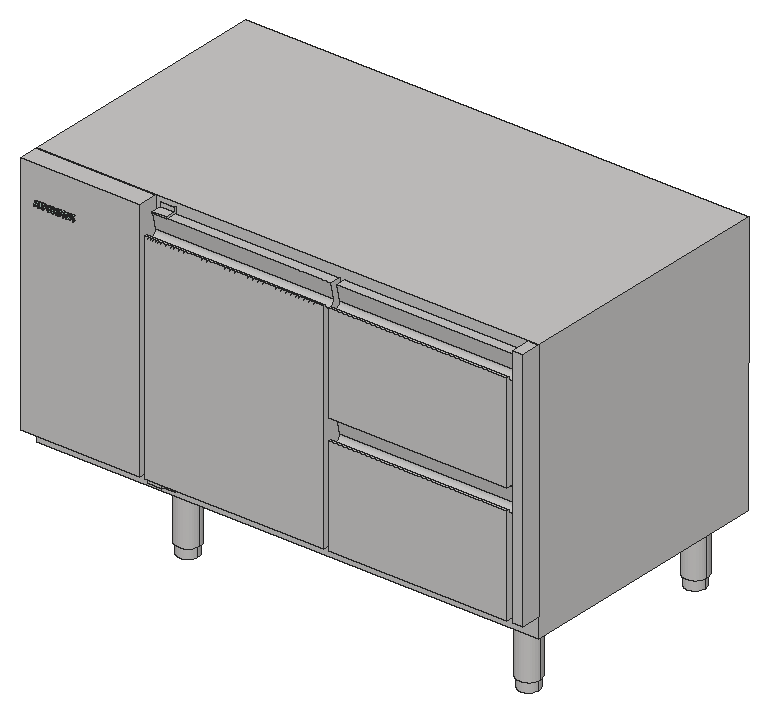
Revit family "QF_ALPENINOX_721101_AA2R7AB", category Attrezzature speciali, Revit 2018 (continued)
Definition of nested family "HP_APX_BI_TN_L"
  Lines and regions (mm)
    Split face 120
      outline origin (330, -951.3, 50) x (1, 0, 0) y (0, 1, 0)
        loop
          arc (-286.464, 649.474) -> (-282.464, 653.474) -> (-286.464, 657.474) r 4
          line (-286.464, 657.474) -> (-328.464, 657.474)
    Split face 121
      outline origin (110, -951.3, 50) x (1, 0, 0) y (0, 1, 0)
        loop
          arc (-218.464, 657.474) -> (-222.464, 653.474) -> (-218.464, 649.474) r 4
          line (-218.464, 649.474) -> (-176.464, 649.474)
          arc (-176.464, 649.474) -> (-172.464, 653.474) -> (-176.464, 657.474) r 4
          line (-176.464, 657.474) -> (-218.464, 657.474)
    Split face 122
      outline origin (220, -951.3, 50) x (1, 0, 0) y (0, 1, 0)
        loop
          arc (-273.464, 657.474) -> (-277.464, 653.474) -> (-273.464, 649.474) r 4
          line (-273.464, 649.474) -> (-231.464, 649.474)
          arc (-231.464, 649.474) -> (-227.464, 653.474) -> (-231.464, 657.474) r 4
          line (-231.464, 657.474) -> (-273.464, 657.474)
    Split face 123
      outline origin (0, -975.3, 50) x (1, 0, 0) y (0, 1, 0)
        loop
          arc (-163.464, 669.474) -> (-167.464, 665.474) -> (-163.464, 661.474) r 4
          line (-163.464, 661.474) -> (-121.464, 661.474)
          arc (-121.464, 661.474) -> (-117.464, 665.474) -> (-121.464, 669.474) r 4
          line (-121.464, 669.474) -> (-163.464, 669.474)
    Split face 124
      outline origin (330, -975.3, 50) x (1, 0, 0) y (0, 1, 0)
        loop
          arc (-328.464, 669.474) -> (-332.464, 665.474) -> (-328.464, 661.474) r 4
          line (-328.464, 661.474) -> (-286.464, 661.474)
          arc (-286.464, 661.474) -> (-282.464, 665.474) -> (-286.464, 669.474) r 4
          line (-286.464, 669.474) -> (-328.464, 669.474)
    Split face 125
      outline origin (110, -975.3, 50) x (1, 0, 0) y (0, 1, 0)
        loop
          arc (-218.464, 669.474) -> (-222.464, 665.474) -> (-218.464, 661.474) r 4
          line (-218.464, 661.474) -> (-176.464, 661.474)
          arc (-176.464, 661.474) -> (-172.464, 665.474) -> (-176.464, 669.474) r 4
          line (-176.464, 669.474) -> (-218.464, 669.474)
    Split face 126
      outline origin (220, -975.3, 50) x (1, 0, 0) y (0, 1, 0)
        loop
          arc (-273.464, 669.474) -> (-277.464, 665.474) -> (-273.464, 661.474) r 4
          line (-273.464, 661.474) -> (-231.464, 661.474)
          arc (-231.464, 661.474) -> (-227.464, 665.474) -> (-231.464, 669.474) r 4
          line (-231.464, 669.474) -> (-273.464, 669.474)
    Split face 127
      outline origin (0, -999.3, 50) x (1, 0, 0) y (0, 1, 0)
        loop
          arc (-163.464, 681.474) -> (-167.464, 677.474) -> (-163.464, 673.474) r 4
          line (-163.464, 673.474) -> (-121.464, 673.474)
          arc (-121.464, 673.474) -> (-117.464, 677.474) -> (-121.464, 681.474) r 4
          line (-121.464, 681.474) -> (-163.464, 681.474)
    Split face 128
      outline origin (330, -999.3, 50) x (1, 0, 0) y (0, 1, 0)
        loop
          arc (-328.464, 681.474) -> (-332.464, 677.474) -> (-328.464, 673.474) r 4
          line (-328.464, 673.474) -> (-286.464, 673.474)
          arc (-286.464, 673.474) -> (-282.464, 677.474) -> (-286.464, 681.474) r 4
          line (-286.464, 681.474) -> (-328.464, 681.474)
    Split face 129
      outline origin (110, -999.3, 50) x (1, 0, 0) y (0, 1, 0)
        loop
          arc (-218.464, 681.474) -> (-222.464, 677.474) -> (-218.464, 673.474) r 4
          line (-218.464, 673.474) -> (-176.464, 673.474)
          arc (-176.464, 673.474) -> (-172.464, 677.474) -> (-176.464, 681.474) r 4
          line (-176.464, 681.474) -> (-218.464, 681.474)
    Split face 130
      outline origin (220, -999.3, 50) x (1, 0, 0) y (0, 1, 0)
        loop
          arc (-273.464, 681.474) -> (-277.464, 677.474) -> (-273.464, 673.474) r 4
          line (-273.464, 673.474) -> (-231.464, 673.474)
          arc (-231.464, 673.474) -> (-227.464, 677.474) -> (-231.464, 681.474) r 4
          line (-231.464, 681.474) -> (-273.464, 681.474)
    Split face 131
      outline origin (0, -1023.3, 50) x (1, 0, 0) y (0, 1, 0)
        loop
          arc (-163.464, 693.474) -> (-167.464, 689.474) -> (-163.464, 685.474) r 4
          line (-163.464, 685.474) -> (-121.464, 685.474)
          arc (-121.464, 685.474) -> (-117.464, 689.474) -> (-121.464, 693.474) r 4
          line (-121.464, 693.474) -> (-163.464, 693.474)
    Split face 132
      outline origin (330, -1023.3, 50) x (1, 0, 0) y (0, 1, 0)
        loop
          arc (-328.464, 693.474) -> (-332.464, 689.474) -> (-328.464, 685.474) r 4
          line (-328.464, 685.474) -> (-286.464, 685.474)
          arc (-286.464, 685.474) -> (-282.464, 689.474) -> (-286.464, 693.474) r 4
          line (-286.464, 693.474) -> (-328.464, 693.474)
    Split face 133
      outline origin (110, -1023.3, 50) x (1, 0, 0) y (0, 1, 0)
        loop
          arc (-218.464, 693.474) -> (-222.464, 689.474) -> (-218.464, 685.474) r 4
          line (-218.464, 685.474) -> (-176.464, 685.474)
          arc (-176.464, 685.474) -> (-172.464, 689.474) -> (-176.464, 693.474) r 4
          line (-176.464, 693.474) -> (-218.464, 693.474)
    Split face 134
      outline origin (220, -1023.3, 50) x (1, 0, 0) y (0, 1, 0)
        loop
          arc (-273.464, 693.474) -> (-277.464, 689.474) -> (-273.464, 685.474) r 4
          line (-273.464, 685.474) -> (-231.464, 685.474)
          arc (-231.464, 685.474) -> (-227.464, 689.474) -> (-231.464, 693.474) r 4
          line (-231.464, 693.474) -> (-273.464, 693.474)
    symbolic lines
      curve 1: line (87.08, -49, 50) -> (87.08, -49, 0)
  Dimensions and locks
    equal spacing: plane 6, plane 1 "Center (Front/Back)", plane 7
    equal spacing: plane 4, plane 3 "Center (Left/Right)", plane 5
    aligned and locked: plane 2 to Extrusion 1
    aligned and locked: level to Extrusion 1
  Automatic sketch dimensions
    Split face 5 sketch curve to Split face 5 sketch curve = 42 mm
    Split face 5 sketch curve to Split face 5 sketch curve = 4 mm
    Split face 6 sketch curve to Split face 6 sketch curve = 42 mm
    Split face 6 sketch curve to Split face 6 sketch curve = 4 mm
    Split face 7 sketch curve to Split face 7 sketch curve = 42 mm
    Split face 7 sketch curve to Split face 7 sketch curve = 4 mm
    Split face 8 sketch curve to Split face 8 sketch curve = 42 mm
    Split face 8 sketch curve to Split face 8 sketch curve = 4 mm
    Split face 9 sketch curve to Split face 9 sketch curve = 42 mm
    Split face 9 sketch curve to Split face 9 sketch curve = 4 mm
    Split face 10 sketch curve to Split face 10 sketch curve = 42 mm
    Split face 10 sketch curve to Split face 10 sketch curve = 4 mm
    Split face 11 sketch curve to Split face 11 sketch curve = 42 mm
    Split face 11 sketch curve to Split face 11 sketch curve = 4 mm
    Split face 12 sketch curve to Split face 12 sketch curve = 42 mm
    Split face 12 sketch curve to Split face 12 sketch curve = 4 mm
    Split face 13 sketch curve to Split face 13 sketch curve = 42 mm
    Split face 13 sketch curve to Split face 13 sketch curve = 4 mm
    Split face 14 sketch curve to Split face 14 sketch curve = 42 mm
    Split face 14 sketch curve to Split face 14 sketch curve = 4 mm
    Split face 15 sketch curve to Split face 15 sketch curve = 42 mm
    Split face 15 sketch curve to Split face 15 sketch curve = 4 mm
    Split face 16 sketch curve to Split face 16 sketch curve = 42 mm
    Split face 16 sketch curve to Split face 16 sketch curve = 4 mm
    Split face 17 sketch curve to Split face 17 sketch curve = 42 mm
    Split face 17 sketch curve to Split face 17 sketch curve = 4 mm
    Split face 18 sketch curve to Split face 18 sketch curve = 42 mm
    Split face 18 sketch curve to Split face 18 sketch curve = 4 mm
    Split face 19 sketch curve to Split face 19 sketch curve = 42 mm
    Split face 19 sketch curve to Split face 19 sketch curve = 4 mm
    Split face 20 sketch curve to Split face 20 sketch curve = 42 mm
    Split face 20 sketch curve to Split face 20 sketch curve = 4 mm
    Split face 21 sketch curve to Split face 21 sketch curve = 42 mm
    Split face 21 sketch curve to Split face 21 sketch curve = 4 mm
    Split face 22 sketch curve to Split face 22 sketch curve = 42 mm
    Split face 22 sketch curve to Split face 22 sketch curve = 4 mm
    Split face 23 sketch curve to Split face 23 sketch curve = 42 mm
    Split face 23 sketch curve to Split face 23 sketch curve = 4 mm
    Split face 24 sketch curve to Split face 24 sketch curve = 42 mm
    Split face 24 sketch curve to Split face 24 sketch curve = 4 mm
    Split face 25 sketch curve to Split face 25 sketch curve = 42 mm
    Split face 25 sketch curve to Split face 25 sketch curve = 4 mm
    Split face 26 sketch curve to Split face 26 sketch curve = 42 mm
    Split face 26 sketch curve to Split face 26 sketch curve = 4 mm
    Split face 27 sketch curve to Split face 27 sketch curve = 42 mm
    Split face 27 sketch curve to Split face 27 sketch curve = 4 mm
    Split face 28 sketch curve to Split face 28 sketch curve = 42 mm
    Split face 28 sketch curve to Split face 28 sketch curve = 4 mm
    Split face 29 sketch curve to Split face 29 sketch curve = 42 mm
    Split face 29 sketch curve to Split face 29 sketch curve = 4 mm
    Split face 30 sketch curve to Split face 30 sketch curve = 42 mm
    Split face 30 sketch curve to Split face 30 sketch curve = 4 mm
    Split face 31 sketch curve to Split face 31 sketch curve = 42 mm
    Split face 31 sketch curve to Split face 31 sketch curve = 4 mm
    Split face 32 sketch curve to Split face 32 sketch curve = 42 mm
    Split face 32 sketch curve to Split face 32 sketch curve = 4 mm
    Split face 33 sketch curve to Split face 33 sketch curve = 42 mm
    Split face 33 sketch curve to Split face 33 sketch curve = 4 mm
    Split face 34 sketch curve to Split face 34 sketch curve = 42 mm
    Split face 34 sketch curve to Split face 34 sketch curve = 4 mm
    Split face 35 sketch curve to Split face 35 sketch curve = 42 mm
    Split face 35 sketch curve to Split face 35 sketch curve = 4 mm
    Split face 36 sketch curve to Split face 36 sketch curve = 42 mm
    Split face 36 sketch curve to Split face 36 sketch curve = 4 mm
    Split face 37 sketch curve to Split face 37 sketch curve = 42 mm
    Split face 37 sketch curve to Split face 37 sketch curve = 4 mm
    Split face 38 sketch curve to Split face 38 sketch curve = 42 mm
    Split face 38 sketch curve to Split face 38 sketch curve = 4 mm
    Split face 39 sketch curve to Split face 39 sketch curve = 42 mm
    Split face 39 sketch curve to Split face 39 sketch curve = 4 mm
    Split face 40 sketch curve to Split face 40 sketch curve = 42 mm
    Split face 40 sketch curve to Split face 40 sketch curve = 4 mm
    Split face 41 sketch curve to Split face 41 sketch curve = 42 mm
    Split face 41 sketch curve to Split face 41 sketch curve = 4 mm
    Split face 42 sketch curve to Split face 42 sketch curve = 42 mm
    Split face 42 sketch curve to Split face 42 sketch curve = 4 mm
    Split face 43 sketch curve to Split face 43 sketch curve = 42 mm
    Split face 43 sketch curve to Split face 43 sketch curve = 4 mm
    Split face 44 sketch curve to Split face 44 sketch curve = 42 mm
    Split face 44 sketch curve to Split face 44 sketch curve = 4 mm
    Split face 45 sketch curve to Split face 45 sketch curve = 42 mm
    Split face 45 sketch curve to Split face 45 sketch curve = 4 mm
    Split face 46 sketch curve to Split face 46 sketch curve = 42 mm
    Split face 46 sketch curve to Split face 46 sketch curve = 4 mm
    Split face 47 sketch curve to Split face 47 sketch curve = 42 mm
    Split face 47 sketch curve to Split face 47 sketch curve = 4 mm
    Split face 48 sketch curve to Split face 48 sketch curve = 42 mm
    Split face 48 sketch curve to Split face 48 sketch curve = 4 mm
    Split face 49 sketch curve to Split face 49 sketch curve = 42 mm
    Split face 49 sketch curve to Split face 49 sketch curve = 4 mm
    Split face 50 sketch curve to Split face 50 sketch curve = 42 mm
    Split face 50 sketch curve to Split face 50 sketch curve = 4 mm
    Split face 51 sketch curve to Split face 51 sketch curve = 42 mm
    Split face 51 sketch curve to Split face 51 sketch curve = 4 mm
    Split face 52 sketch curve to Split face 52 sketch curve = 42 mm
    Split face 52 sketch curve to Split face 52 sketch curve = 4 mm
    Split face 53 sketch curve to Split face 53 sketch curve = 42 mm
    Split face 53 sketch curve to Split face 53 sketch curve = 4 mm
    Split face 54 sketch curve to Split face 54 sketch curve = 42 mm
    Split face 54 sketch curve to Split face 54 sketch curve = 4 mm
    Split face 55 sketch curve to Split face 55 sketch curve = 42 mm
    Split face 55 sketch curve to Split face 55 sketch curve = 4 mm
    Split face 56 sketch curve to Split face 56 sketch curve = 42 mm
    Split face 56 sketch curve to Split face 56 sketch curve = 4 mm
    Split face 57 sketch curve to Split face 57 sketch curve = 42 mm
    Split face 57 sketch curve to Split face 57 sketch curve = 4 mm
    Split face 58 sketch curve to Split face 58 sketch curve = 42 mm
    Split face 58 sketch curve to Split face 58 sketch curve = 4 mm
    Split face 59 sketch curve to Split face 59 sketch curve = 42 mm
    Split face 59 sketch curve to Split face 59 sketch curve = 4 mm
    Split face 60 sketch curve to Split face 60 sketch curve = 42 mm
    Split face 60 sketch curve to Split face 60 sketch curve = 4 mm
    Split face 61 sketch curve to Split face 61 sketch curve = 42 mm
    Split face 61 sketch curve to Split face 61 sketch curve = 4 mm
    Split face 62 sketch curve to Split face 62 sketch curve = 42 mm
    Split face 62 sketch curve to Split face 62 sketch curve = 4 mm
    Split face 63 sketch curve to Split face 63 sketch curve = 42 mm
    Split face 63 sketch curve to Split face 63 sketch curve = 4 mm
    Split face 64 sketch curve to Split face 64 sketch curve = 42 mm
    Split face 64 sketch curve to Split face 64 sketch curve = 4 mm
    Split face 65 sketch curve to Split face 65 sketch curve = 42 mm
    Split face 65 sketch curve to Split face 65 sketch curve = 4 mm
    Split face 66 sketch curve to Split face 66 sketch curve = 42 mm
    Split face 66 sketch curve to Split face 66 sketch curve = 4 mm
    Split face 67 sketch curve to Split face 67 sketch curve = 42 mm
    Split face 67 sketch curve to Split face 67 sketch curve = 4 mm
    Split face 68 sketch curve to Split face 68 sketch curve = 42 mm
    Split face 68 sketch curve to Split face 68 sketch curve = 4 mm
    Split face 69 sketch curve to Split face 69 sketch curve = 42 mm
    Split face 69 sketch curve to Split face 69 sketch curve = 4 mm
    Split face 71 sketch curve to Split face 71 sketch curve = 42 mm
    Split face 71 sketch curve to Split face 71 sketch curve = 4 mm
    Split face 72 sketch curve to Split face 72 sketch curve = 42 mm
    Split face 72 sketch curve to Split face 72 sketch curve = 4 mm
    Split face 73 sketch curve to Split face 73 sketch curve = 42 mm
    Split face 73 sketch curve to Split face 73 sketch curve = 4 mm
    Split face 74 sketch curve to Split face 74 sketch curve = 42 mm
    Split face 74 sketch curve to Split face 74 sketch curve = 4 mm
    Split face 75 sketch curve to Split face 75 sketch curve = 42 mm
    Split face 75 sketch curve to Split face 75 sketch curve = 4 mm
    Split face 76 sketch curve to Split face 76 sketch curve = 42 mm
    Split face 76 sketch curve to Split face 76 sketch curve = 4 mm
    Split face 77 sketch curve to Split face 77 sketch curve = 42 mm
    Split face 77 sketch curve to Split face 77 sketch curve = 4 mm
    Split face 78 sketch curve to Split face 78 sketch curve = 42 mm
    Split face 78 sketch curve to Split face 78 sketch curve = 4 mm
    Split face 79 sketch curve to Split face 79 sketch curve = 42 mm
    Split face 79 sketch curve to Split face 79 sketch curve = 4 mm
    Split face 80 sketch curve to Split face 80 sketch curve = 42 mm
    Split face 80 sketch curve to Split face 80 sketch curve = 4 mm
    Split face 81 sketch curve to Split face 81 sketch curve = 42 mm
    Split face 81 sketch curve to Split face 81 sketch curve = 4 mm
    Split face 82 sketch curve to Split face 82 sketch curve = 42 mm
    Split face 82 sketch curve to Split face 82 sketch curve = 4 mm
    Split face 83 sketch curve to Split face 83 sketch curve = 42 mm
    Split face 83 sketch curve to Split face 83 sketch curve = 4 mm
    Split face 84 sketch curve to Split face 84 sketch curve = 42 mm
    Split face 84 sketch curve to Split face 84 sketch curve = 4 mm
    Split face 85 sketch curve to Split face 85 sketch curve = 42 mm
    Split face 85 sketch curve to Split face 85 sketch curve = 4 mm
    Split face 86 sketch curve to Split face 86 sketch curve = 42 mm
    Split face 86 sketch curve to Split face 86 sketch curve = 4 mm
    Split face 87 sketch curve to Split face 87 sketch curve = 42 mm
    Split face 87 sketch curve to Split face 87 sketch curve = 4 mm
    Split face 88 sketch curve to Split face 88 sketch curve = 42 mm
    Split face 88 sketch curve to Split face 88 sketch curve = 4 mm
    Split face 89 sketch curve to Split face 89 sketch curve = 42 mm
    Split face 89 sketch curve to Split face 89 sketch curve = 4 mm
    Split face 90 sketch curve to Split face 90 sketch curve = 42 mm
    Split face 90 sketch curve to Split face 90 sketch curve = 4 mm
    Split face 91 sketch curve to Split face 91 sketch curve = 42 mm
    Split face 91 sketch curve to Split face 91 sketch curve = 4 mm
    Split face 92 sketch curve to Split face 92 sketch curve = 42 mm
    Split face 92 sketch curve to Split face 92 sketch curve = 4 mm
    Split face 93 sketch curve to Split face 93 sketch curve = 42 mm
    Split face 93 sketch curve to Split face 93 sketch curve = 4 mm
    Split face 94 sketch curve to Split face 94 sketch curve = 42 mm
    Split face 94 sketch curve to Split face 94 sketch curve = 4 mm
    Split face 95 sketch curve to Split face 95 sketch curve = 42 mm
    Split face 95 sketch curve to Split face 95 sketch curve = 4 mm
    Split face 96 sketch curve to Split face 96 sketch curve = 42 mm
    Split face 96 sketch curve to Split face 96 sketch curve = 4 mm
    Split face 97 sketch curve to Split face 97 sketch curve = 42 mm
    Split face 97 sketch curve to Split face 97 sketch curve = 4 mm
    Split face 98 sketch curve to Split face 98 sketch curve = 42 mm
    Split face 98 sketch curve to Split face 98 sketch curve = 4 mm
    Split face 99 sketch curve to Split face 99 sketch curve = 42 mm
    Split face 99 sketch curve to Split face 99 sketch curve = 4 mm
    Split face 100 sketch curve to Split face 100 sketch curve = 42 mm
    Split face 100 sketch curve to Split face 100 sketch curve = 4 mm
    Split face 101 sketch curve to Split face 101 sketch curve = 42 mm
    Split face 101 sketch curve to Split face 101 sketch curve = 4 mm
    Split face 102 sketch curve to Split face 102 sketch curve = 42 mm
    Split face 102 sketch curve to Split face 102 sketch curve = 4 mm
    Split face 103 sketch curve to Split face 103 sketch curve = 42 mm
    Split face 103 sketch curve to Split face 103 sketch curve = 4 mm
    Split face 104 sketch curve to Split face 104 sketch curve = 42 mm
    Split face 104 sketch curve to Split face 104 sketch curve = 4 mm
    Split face 105 sketch curve to Split face 105 sketch curve = 42 mm
    Split face 105 sketch curve to Split face 105 sketch curve = 4 mm
    Split face 106 sketch curve to Split face 106 sketch curve = 42 mm
    Split face 106 sketch curve to Split face 106 sketch curve = 4 mm
    Split face 107 sketch curve to Split face 107 sketch curve = 42 mm
    Split face 107 sketch curve to Split face 107 sketch curve = 4 mm
    Split face 108 sketch curve to Split face 108 sketch curve = 42 mm
    Split face 108 sketch curve to Split face 108 sketch curve = 4 mm
    Split face 109 sketch curve to Split face 109 sketch curve = 42 mm
    Split face 109 sketch curve to Split face 109 sketch curve = 4 mm
    Split face 110 sketch curve to Split face 110 sketch curve = 42 mm
    Split face 110 sketch curve to Split face 110 sketch curve = 4 mm
    Split face 111 sketch curve to Split face 111 sketch curve = 42 mm
    Split face 111 sketch curve to Split face 111 sketch curve = 4 mm
    Split face 112 sketch curve to Split face 112 sketch curve = 42 mm
    Split face 112 sketch curve to Split face 112 sketch curve = 4 mm
    Split face 113 sketch curve to Split face 113 sketch curve = 42 mm
    Split face 113 sketch curve to Split face 113 sketch curve = 4 mm
    Split face 114 sketch curve to Split face 114 sketch curve = 42 mm
    Split face 114 sketch curve to Split face 114 sketch curve = 4 mm
    Split face 115 sketch curve to Split face 115 sketch curve = 42 mm
    Split face 115 sketch curve to Split face 115 sketch curve = 4 mm
    Split face 116 sketch curve to Split face 116 sketch curve = 42 mm
    Split face 116 sketch curve to Split face 116 sketch curve = 4 mm
    Split face 117 sketch curve to Split face 117 sketch curve = 42 mm
    Split face 117 sketch curve to Split face 117 sketch curve = 4 mm
    Split face 118 sketch curve to Split face 118 sketch curve = 42 mm
    Split face 118 sketch curve to Split face 118 sketch curve = 4 mm
    Split face 119 sketch curve to Split face 119 sketch curve = 42 mm
    Split face 119 sketch curve to Split face 119 sketch curve = 4 mm
    Split face 120 sketch curve to Split face 120 sketch curve = 42 mm
    Split face 120 sketch curve to Split face 120 sketch curve = 4 mm
    Split face 121 sketch curve to Split face 121 sketch curve = 42 mm
    Split face 121 sketch curve to Split face 121 sketch curve = 4 mm
    Split face 122 sketch curve to Split face 122 sketch curve = 42 mm
    Split face 122 sketch curve to Split face 122 sketch curve = 4 mm
    Split face 123 sketch curve to Split face 123 sketch curve = 42 mm
    Split face 123 sketch curve to Split face 123 sketch curve = 4 mm
    Split face 124 sketch curve to Split face 124 sketch curve = 42 mm
    Split face 124 sketch curve to Split face 124 sketch curve = 4 mm
    Split face 125 sketch curve to Split face 125 sketch curve = 42 mm
    Split face 125 sketch curve to Split face 125 sketch curve = 4 mm
    Split face 126 sketch curve to Split face 126 sketch curve = 42 mm
    Split face 126 sketch curve to Split face 126 sketch curve = 4 mm
    Split face 127 sketch curve to Split face 127 sketch curve = 42 mm
    Split face 127 sketch curve to Split face 127 sketch curve = 4 mm
    Split face 128 sketch curve to Split face 128 sketch curve = 42 mm
    Split face 128 sketch curve to Split face 128 sketch curve = 4 mm
    Split face 129 sketch curve to Split face 129 sketch curve = 42 mm
    Split face 129 sketch curve to Split face 129 sketch curve = 4 mm
    Split face 130 sketch curve to Split face 130 sketch curve = 42 mm
    Split face 130 sketch curve to Split face 130 sketch curve = 4 mm
    Split face 131 sketch curve to Split face 131 sketch curve = 42 mm
    Split face 131 sketch curve to Split face 131 sketch curve = 4 mm
    Split face 132 sketch curve to Split face 132 sketch curve = 42 mm
    Split face 132 sketch curve to Split face 132 sketch curve = 4 mm
    Split face 133 sketch curve to Split face 133 sketch curve = 42 mm
    Split face 133 sketch curve to Split face 133 sketch curve = 4 mm
    Split face 134 sketch curve to Split face 134 sketch curve = 42 mm
    Split face 134 sketch curve to Split face 134 sketch curve = 4 mm
    Extrusion 1 sketch curve to Extrusion 1 sketch curve = 2438.4 mm  (x2)
    Extrusion 2 sketch curve to plane 4 = 0 mm
    Extrusion 2 sketch curve to plane 5 = 0 mm
    Extrusion 2 sketch curve to plane 7 = 0 mm
    Extrusion 2 sketch curve to plane 6 = 0 mm
    Split face 1 sketch curve to Extrusion 2 = 0 mm  (x2)
    Split face 1 sketch curve to Extrusion 2 = 34 mm
    Split face 1 sketch curve to Extrusion 2 = 104 mm
    Split face 1 sketch curve to Split face 1 sketch curve = 17.5 mm
    Split face 2 sketch curve to Extrusion 2 = 130.5 mm
    Split face 2 sketch curve to Extrusion 2 = 60.5 mm
    Split face 2 sketch curve to Extrusion 2 = 98 mm
    Split face 2 sketch curve to Split face 2 sketch curve = 23 mm
    Split face 3 sketch curve to Extrusion 2 = 80.5 mm
    Split face 3 sketch curve to Split face 3 sketch curve = 17 mm  (x2)
    Split face 3 sketch curve to Extrusion 2 = 95 mm
    plane 4 to Extrusion 3 sketch curve = 34.51 mm
    Extrusion 3 sketch curve to Extrusion 3 sketch curve = 1.266 mm
    Extrusion 3 sketch curve to Extrusion 3 sketch curve = 1.307 mm
    Extrusion 3 sketch curve to Extrusion 3 sketch curve = 0.57 mm
    Extrusion 3 sketch curve to Extrusion 3 sketch curve = 0.593 mm
    Extrusion 3 sketch curve to Extrusion 3 sketch curve = 0.799 mm
    Extrusion 3 sketch curve to Extrusion 3 sketch curve = 1.99 mm  (x2)
    Extrusion 3 sketch curve to Extrusion 3 sketch curve = 0.003 mm
    Extrusion 3 sketch curve to Extrusion 3 sketch curve = 3.534 mm
    Extrusion 3 sketch curve to Extrusion 3 sketch curve = 0.835 mm
    Extrusion 3 sketch curve to Extrusion 3 sketch curve = 0.56 mm
    Extrusion 3 sketch curve to Extrusion 3 sketch curve = 1.268 mm
    Extrusion 3 sketch curve to Extrusion 3 sketch curve = 1.223 mm
    Extrusion 3 sketch curve to Extrusion 3 sketch curve = 1.344 mm
    Extrusion 3 sketch curve to Extrusion 3 sketch curve = 1.394 mm  (x2)
    Extrusion 3 sketch curve to Extrusion 3 sketch curve = 1.512 mm
    Extrusion 3 sketch curve to Extrusion 3 sketch curve = 3.309 mm
    Extrusion 3 sketch curve to Extrusion 3 sketch curve = 5.841 mm
    Extrusion 3 sketch curve to Extrusion 3 sketch curve = 1.393 mm
    Extrusion 3 sketch curve to Extrusion 3 sketch curve = 1.439 mm
    Extrusion 3 sketch curve to Extrusion 3 sketch curve = 0 mm  (x19)
    Extrusion 3 sketch curve to Extrusion 3 sketch curve = 1.902 mm
    Extrusion 3 sketch curve to Extrusion 3 sketch curve = 0.052 mm
    Extrusion 3 sketch curve to Extrusion 3 sketch curve = 2.065 mm
    Extrusion 3 sketch curve to Extrusion 3 sketch curve = 0.647 mm
    Extrusion 3 sketch curve to Extrusion 3 sketch curve = 8.079 mm
    Extrusion 3 sketch curve to Extrusion 3 sketch curve = 0.073 mm
    Extrusion 3 sketch curve to Extrusion 3 sketch curve = 2.145 mm
    Extrusion 3 sketch curve to Extrusion 3 sketch curve = 2.931 mm
    Extrusion 3 sketch curve to Extrusion 3 sketch curve = 0.213 mm
    Extrusion 3 sketch curve to Extrusion 3 sketch curve = 0.026 mm
    Extrusion 3 sketch curve to Extrusion 3 sketch curve = 0.263 mm
    Extrusion 3 sketch curve to Extrusion 3 sketch curve = 0.516 mm
    Extrusion 3 sketch curve to Extrusion 3 sketch curve = 0.356 mm
    Extrusion 3 sketch curve to Extrusion 3 sketch curve = 0.387 mm
    Extrusion 3 sketch curve to Extrusion 3 sketch curve = 2.378 mm
    Extrusion 3 sketch curve to Extrusion 3 sketch curve = 2.466 mm
    Extrusion 3 sketch curve to Extrusion 3 sketch curve = 0.602 mm
    Extrusion 3 sketch curve to Extrusion 3 sketch curve = 1.02 mm
    Extrusion 3 sketch curve to Extrusion 3 sketch curve = 0.949 mm
    Extrusion 3 sketch curve to Extrusion 3 sketch curve = 1.728 mm
    Extrusion 3 sketch curve to Extrusion 3 sketch curve = 0.157 mm  (x2)
    Extrusion 3 sketch curve to Extrusion 3 sketch curve = 0.292 mm
    Extrusion 3 sketch curve to Extrusion 3 sketch curve = 3.565 mm
    Extrusion 3 sketch curve to Extrusion 3 sketch curve = 1.396 mm  (x2)
    Extrusion 3 sketch curve to Extrusion 3 sketch curve = 1.418 mm  (x2)
    Extrusion 3 sketch curve to Extrusion 3 sketch curve = 1.151 mm  (x2)
    Extrusion 3 sketch curve to Extrusion 3 sketch curve = 5.709 mm  (x2)
    Extrusion 3 sketch curve to Extrusion 3 sketch curve = 0.224 mm  (x2)
    Extrusion 3 sketch curve to Extrusion 3 sketch curve = 1.149 mm  (x2)
    Extrusion 3 sketch curve to Extrusion 3 sketch curve = 1.395 mm  (x2)
    Extrusion 3 sketch curve to Extrusion 3 sketch curve = 1.744 mm
    Extrusion 3 sketch curve to Extrusion 3 sketch curve = 1.745 mm
    Extrusion 3 sketch curve to Extrusion 3 sketch curve = 6.963 mm
    Extrusion 3 sketch curve to Extrusion 3 sketch curve = 0.493 mm  (x3)
    Extrusion 3 sketch curve to Extrusion 3 sketch curve = 0.273 mm  (x2)
    Extrusion 3 sketch curve to Extrusion 3 sketch curve = 0.021 mm  (x2)
    Extrusion 3 sketch curve to Extrusion 3 sketch curve = 0.226 mm  (x2)
    Extrusion 3 sketch curve to Extrusion 3 sketch curve = 0.268 mm  (x2)
    Extrusion 3 sketch curve to Extrusion 3 sketch curve = 0.294 mm
    Extrusion 3 sketch curve to Extrusion 3 sketch curve = 5.238 mm
    Extrusion 3 sketch curve to Extrusion 3 sketch curve = 5.908 mm
    Extrusion 3 sketch curve to Extrusion 3 sketch curve = 1.109 mm  (x2)
    Extrusion 3 sketch curve to Extrusion 3 sketch curve = 1.108 mm  (x2)
    Extrusion 3 sketch curve to Extrusion 3 sketch curve = 1.142 mm  (x2)
    Extrusion 3 sketch curve to Extrusion 3 sketch curve = 1.216 mm  (x2)
    Extrusion 3 sketch curve to Extrusion 3 sketch curve = 3.013 mm
    Extrusion 3 sketch curve to Extrusion 3 sketch curve = 1.616 mm  (x3)
    Extrusion 3 sketch curve to Extrusion 3 sketch curve = 2.305 mm
    Extrusion 3 sketch curve to Extrusion 3 sketch curve = 3.049 mm
    Extrusion 3 sketch curve to plane 6 = 93.469 mm
    Extrusion 3 sketch curve to Extrusion 3 sketch curve = 0.498 mm
    Extrusion 3 sketch curve to Extrusion 3 sketch curve = 0.682 mm
    Extrusion 3 sketch curve to Extrusion 3 sketch curve = 0.664 mm
    Extrusion 3 sketch curve to Extrusion 3 sketch curve = 0.425 mm
    Extrusion 3 sketch curve to Extrusion 3 sketch curve = 0.41 mm
    Extrusion 3 sketch curve to Extrusion 3 sketch curve = 1.272 mm
    Extrusion 3 sketch curve to Extrusion 3 sketch curve = 0.789 mm  (x2)
    Extrusion 3 sketch curve to Extrusion 3 sketch curve = 0.056 mm
    Extrusion 3 sketch curve to Extrusion 3 sketch curve = 0.83 mm
    Extrusion 3 sketch curve to Extrusion 3 sketch curve = 1.238 mm
    Extrusion 3 sketch curve to Extrusion 3 sketch curve = 1.732 mm
    Extrusion 3 sketch curve to Extrusion 3 sketch curve = 0.346 mm
    Extrusion 3 sketch curve to Extrusion 3 sketch curve = 1.123 mm
    Extrusion 3 sketch curve to Extrusion 3 sketch curve = 3.023 mm
    Extrusion 3 sketch curve to Extrusion 3 sketch curve = 4.203 mm
    Extrusion 3 sketch curve to Extrusion 3 sketch curve = 3.452 mm  (x2)
    Extrusion 3 sketch curve to Extrusion 3 sketch curve = 2.544 mm
    Extrusion 3 sketch curve to Extrusion 3 sketch curve = 1.177 mm
    Extrusion 3 sketch curve to Extrusion 3 sketch curve = 3.261 mm
    Extrusion 3 sketch curve to Extrusion 3 sketch curve = 0.352 mm  (x2)
    Extrusion 3 sketch curve to Extrusion 3 sketch curve = 1.987 mm
    Extrusion 3 sketch curve to Extrusion 3 sketch curve = 0.171 mm
    Extrusion 3 sketch curve to Extrusion 3 sketch curve = 0.533 mm  (x3)
    Extrusion 3 sketch curve to Extrusion 3 sketch curve = 0.14 mm  (x4)
    Extrusion 3 sketch curve to Extrusion 3 sketch curve = 0.473 mm
    Extrusion 3 sketch curve to Extrusion 3 sketch curve = 0.31 mm  (x2)
    Extrusion 3 sketch curve to Extrusion 3 sketch curve = 0.075 mm
    Extrusion 3 sketch curve to Extrusion 3 sketch curve = 2.431 mm
    Extrusion 3 sketch curve to Extrusion 3 sketch curve = 2.32 mm  (x2)
    Extrusion 3 sketch curve to Extrusion 3 sketch curve = 1.992 mm
    Extrusion 3 sketch curve to Extrusion 3 sketch curve = 0.674 mm
    Extrusion 3 sketch curve to Extrusion 3 sketch curve = 0.732 mm
    Extrusion 3 sketch curve to Extrusion 3 sketch curve = 0.388 mm
    Extrusion 3 sketch curve to Extrusion 3 sketch curve = 0.121 mm
    Extrusion 3 sketch curve to Extrusion 3 sketch curve = 2.589 mm
    Extrusion 3 sketch curve to Extrusion 3 sketch curve = 0.662 mm
    Extrusion 3 sketch curve to Extrusion 3 sketch curve = 3.473 mm
    Extrusion 3 sketch curve to Extrusion 3 sketch curve = 0.681 mm
    Extrusion 3 sketch curve to Extrusion 3 sketch curve = 1.615 mm
    Extrusion 3 sketch curve to Extrusion 3 sketch curve = 0.34 mm
    Extrusion 3 sketch curve to Extrusion 3 sketch curve = 2.288 mm
    Extrusion 3 sketch curve to Extrusion 3 sketch curve = 0.942 mm
    Extrusion 3 sketch curve to Extrusion 3 sketch curve = 5.4 mm
    Extrusion 3 sketch curve to Extrusion 3 sketch curve = 1.768 mm  (x2)
    Extrusion 3 sketch curve to Extrusion 3 sketch curve = 0.761 mm
    Extrusion 3 sketch curve to Extrusion 3 sketch curve = 0.996 mm
    Extrusion 3 sketch curve to Extrusion 3 sketch curve = 3.543 mm  (x2)
    Extrusion 3 sketch curve to Extrusion 3 sketch curve = 7.017 mm
    Extrusion 3 sketch curve to Extrusion 3 sketch curve = 0.11 mm
    Extrusion 3 sketch curve to Extrusion 3 sketch curve = 0.823 mm  (x2)
    Extrusion 3 sketch curve to Extrusion 3 sketch curve = 0.947 mm
    Extrusion 3 sketch curve to Extrusion 3 sketch curve = 3.837 mm
    Extrusion 3 sketch curve to Extrusion 3 sketch curve = 0.623 mm
    Extrusion 3 sketch curve to Extrusion 3 sketch curve = 1.082 mm
    Extrusion 3 sketch curve to Extrusion 3 sketch curve = 0.801 mm
    Extrusion 3 sketch curve to Extrusion 3 sketch curve = 1 mm
    Extrusion 3 sketch curve to Extrusion 3 sketch curve = 0.089 mm
    Extrusion 3 sketch curve to Extrusion 3 sketch curve = 4.257 mm
    Extrusion 3 sketch curve to Extrusion 3 sketch curve = 4.345 mm  (x2)
    Extrusion 3 sketch curve to Extrusion 3 sketch curve = 2.576 mm
    Extrusion 3 sketch curve to Extrusion 3 sketch curve = 1.385 mm  (x4)
    Extrusion 3 sketch curve to Extrusion 3 sketch curve = 2.133 mm  (x4)
    Extrusion 3 sketch curve to Extrusion 3 sketch curve = 3.518 mm
    Extrusion 3 sketch curve to Extrusion 3 sketch curve = 5.603 mm
    Extrusion 3 sketch curve to Extrusion 3 sketch curve = 2.571 mm
    Split face 4 sketch curve to Extrusion 2 = 0 mm  (x2)
    Split face 4 sketch curve to Extrusion 2 = 64 mm
    Extrusion 4 sketch curve to Extrusion 4 sketch curve = 294 mm
    Extrusion 4 sketch curve to Extrusion 4 sketch curve = 652 mm
    Split face 70 sketch curve to Extrusion 2 = 0 mm  (x2)
    Split face 70 sketch curve to Extrusion 2 = 109 mm
    Split face 5 sketch curve to Extrusion 2 = 43.456 mm
    Split face 5 sketch curve to Extrusion 2 = 128.176 mm
    Split face 6 sketch curve to Extrusion 2 = 85.544 mm
    Split face 6 sketch curve to Extrusion 2 = 128.176 mm
    Split face 7 sketch curve to Extrusion 2 = 98.456 mm
    Split face 7 sketch curve to Extrusion 2 = 128.176 mm
    Split face 8 sketch curve to Extrusion 2 = 140.544 mm
    Split face 8 sketch curve to Extrusion 2 = 128.176 mm
    Split face 10 sketch curve to Extrusion 2 = 43.456 mm
    Split face 10 sketch curve to Extrusion 2 = 140.176 mm
    Split face 11 sketch curve to Extrusion 2 = 85.544 mm
    Split face 11 sketch curve to Extrusion 2 = 140.176 mm
    Split face 12 sketch curve to Extrusion 2 = 98.456 mm
    Split face 12 sketch curve to Extrusion 2 = 140.176 mm
    Split face 13 sketch curve to Extrusion 2 = 140.544 mm
    Split face 13 sketch curve to Extrusion 2 = 140.176 mm
    Split face 14 sketch curve to Extrusion 2 = 43.456 mm
    Split face 14 sketch curve to Extrusion 2 = 152.176 mm
    Split face 15 sketch curve to Extrusion 2 = 85.544 mm
    Split face 15 sketch curve to Extrusion 2 = 152.176 mm
    Split face 16 sketch curve to Extrusion 2 = 98.456 mm
    Split face 16 sketch curve to Extrusion 2 = 152.176 mm
    Split face 17 sketch curve to Extrusion 2 = 140.544 mm
    Split face 17 sketch curve to Extrusion 2 = 152.176 mm
    Split face 18 sketch curve to Extrusion 2 = 43.456 mm
    Split face 18 sketch curve to Extrusion 2 = 164.176 mm
    Split face 19 sketch curve to Extrusion 2 = 85.544 mm
    Split face 19 sketch curve to Extrusion 2 = 164.176 mm
    Split face 20 sketch curve to Extrusion 2 = 98.456 mm
    Split face 20 sketch curve to Extrusion 2 = 164.176 mm
    Split face 21 sketch curve to Extrusion 2 = 140.544 mm
    Split face 21 sketch curve to Extrusion 2 = 164.176 mm
    Split face 22 sketch curve to Extrusion 2 = 43.456 mm
    Split face 22 sketch curve to Extrusion 2 = 176.176 mm
    Split face 23 sketch curve to Extrusion 2 = 85.544 mm
    Split face 23 sketch curve to Extrusion 2 = 176.176 mm
    Split face 24 sketch curve to Extrusion 2 = 98.456 mm
    Split face 24 sketch curve to Extrusion 2 = 176.176 mm
    Split face 25 sketch curve to Extrusion 2 = 140.544 mm
    Split face 25 sketch curve to Extrusion 2 = 176.176 mm
    Split face 26 sketch curve to Extrusion 2 = 43.456 mm
    Split face 26 sketch curve to Extrusion 2 = 188.176 mm
    Split face 27 sketch curve to Extrusion 2 = 85.544 mm
    Split face 27 sketch curve to Extrusion 2 = 188.176 mm
    Split face 28 sketch curve to Extrusion 2 = 98.456 mm
    Split face 28 sketch curve to Extrusion 2 = 188.176 mm
    Split face 29 sketch curve to Extrusion 2 = 140.544 mm
    Split face 29 sketch curve to Extrusion 2 = 188.176 mm
    Split face 30 sketch curve to Extrusion 2 = 43.456 mm
    Split face 30 sketch curve to Extrusion 2 = 200.176 mm
    Split face 31 sketch curve to Extrusion 2 = 85.544 mm
    Split face 31 sketch curve to Extrusion 2 = 200.176 mm
    Split face 32 sketch curve to Extrusion 2 = 98.456 mm
    Split face 32 sketch curve to Extrusion 2 = 200.176 mm
    Split face 33 sketch curve to Extrusion 2 = 140.544 mm
    Split face 33 sketch curve to Extrusion 2 = 200.176 mm
    Split face 34 sketch curve to Extrusion 2 = 43.456 mm
    Split face 34 sketch curve to Extrusion 2 = 212.176 mm
    Split face 35 sketch curve to Extrusion 2 = 85.544 mm
    Split face 35 sketch curve to Extrusion 2 = 212.176 mm
    Split face 36 sketch curve to Extrusion 2 = 98.456 mm
    Split face 36 sketch curve to Extrusion 2 = 212.176 mm
    Split face 37 sketch curve to Extrusion 2 = 140.544 mm
    Split face 37 sketch curve to Extrusion 2 = 212.176 mm
    Split face 38 sketch curve to Extrusion 2 = 43.456 mm
    Split face 38 sketch curve to Extrusion 2 = 224.176 mm
    Split face 39 sketch curve to Extrusion 2 = 85.544 mm
    Split face 39 sketch curve to Extrusion 2 = 224.176 mm
    Split face 40 sketch curve to Extrusion 2 = 98.456 mm
    Split face 40 sketch curve to Extrusion 2 = 224.176 mm
    Split face 41 sketch curve to Extrusion 2 = 140.544 mm
    Split face 41 sketch curve to Extrusion 2 = 224.176 mm
    Split face 42 sketch curve to Extrusion 2 = 43.456 mm
    Split face 42 sketch curve to Extrusion 2 = 236.176 mm
    Split face 43 sketch curve to Extrusion 2 = 85.544 mm
    Split face 43 sketch curve to Extrusion 2 = 236.176 mm
    Split face 44 sketch curve to Extrusion 2 = 98.456 mm
    Split face 44 sketch curve to Extrusion 2 = 236.176 mm
    Split face 45 sketch curve to Extrusion 2 = 140.544 mm
    Split face 45 sketch curve to Extrusion 2 = 236.176 mm
    Split face 46 sketch curve to Extrusion 2 = 43.456 mm
    Split face 46 sketch curve to Extrusion 2 = 248.176 mm
    Split face 47 sketch curve to Extrusion 2 = 85.544 mm
    Split face 47 sketch curve to Extrusion 2 = 248.176 mm
    Split face 48 sketch curve to Extrusion 2 = 98.456 mm
    Split face 48 sketch curve to Extrusion 2 = 248.176 mm
    Split face 49 sketch curve to Extrusion 2 = 140.544 mm
    Split face 49 sketch curve to Extrusion 2 = 248.176 mm
    Split face 50 sketch curve to Extrusion 2 = 43.456 mm
    Split face 50 sketch curve to Extrusion 2 = 260.176 mm
    Split face 51 sketch curve to Extrusion 2 = 85.544 mm
    Split face 51 sketch curve to Extrusion 2 = 260.176 mm
    Split face 52 sketch curve to Extrusion 2 = 98.456 mm
    Split face 52 sketch curve to Extrusion 2 = 260.176 mm
    Split face 53 sketch curve to Extrusion 2 = 140.544 mm
    Split face 53 sketch curve to Extrusion 2 = 260.176 mm
    Split face 54 sketch curve to Extrusion 2 = 43.456 mm
    Split face 54 sketch curve to Extrusion 2 = 272.176 mm
    Split face 55 sketch curve to Extrusion 2 = 85.544 mm
    Split face 55 sketch curve to Extrusion 2 = 272.176 mm
    Split face 56 sketch curve to Extrusion 2 = 98.456 mm
    Split face 56 sketch curve to Extrusion 2 = 272.176 mm
    Split face 57 sketch curve to Extrusion 2 = 140.544 mm
    Split face 57 sketch curve to Extrusion 2 = 272.176 mm
    Split face 58 sketch curve to Extrusion 2 = 43.456 mm
    Split face 58 sketch curve to Extrusion 2 = 284.176 mm
    Split face 59 sketch curve to Extrusion 2 = 85.544 mm
    Split face 59 sketch curve to Extrusion 2 = 284.176 mm
    Split face 60 sketch curve to Extrusion 2 = 98.456 mm
    Split face 60 sketch curve to Extrusion 2 = 284.176 mm
    Split face 61 sketch curve to Extrusion 2 = 140.544 mm
    Split face 61 sketch curve to Extrusion 2 = 284.176 mm
    Split face 62 sketch curve to Extrusion 2 = 43.456 mm
    Split face 62 sketch curve to Extrusion 2 = 296.176 mm
    Split face 63 sketch curve to Extrusion 2 = 85.544 mm
    Split face 63 sketch curve to Extrusion 2 = 296.176 mm
    Split face 64 sketch curve to Extrusion 2 = 98.456 mm
    Split face 64 sketch curve to Extrusion 2 = 296.176 mm
    Split face 65 sketch curve to Extrusion 2 = 140.544 mm
    Split face 65 sketch curve to Extrusion 2 = 296.176 mm
    Split face 66 sketch curve to Extrusion 2 = 43.456 mm
    Split face 66 sketch curve to Extrusion 2 = 308.176 mm
    Split face 67 sketch curve to Extrusion 2 = 85.544 mm
    Split face 67 sketch curve to Extrusion 2 = 308.176 mm
    Split face 68 sketch curve to Extrusion 2 = 98.456 mm
    Split face 68 sketch curve to Extrusion 2 = 308.176 mm
    Split face 69 sketch curve to Extrusion 2 = 140.544 mm
    Split face 69 sketch curve to Extrusion 2 = 308.176 mm
    Split face 71 sketch curve to Extrusion 2 = 43.456 mm
    Split face 71 sketch curve to Extrusion 2 = 192.174 mm
    Split face 72 sketch curve to Extrusion 2 = 85.544 mm
    Split face 72 sketch curve to Extrusion 2 = 192.174 mm
    Split face 73 sketch curve to Extrusion 2 = 98.456 mm
    Split face 73 sketch curve to Extrusion 2 = 192.174 mm
    Split face 74 sketch curve to Extrusion 2 = 140.544 mm
    Split face 74 sketch curve to Extrusion 2 = 192.174 mm
    Split face 75 sketch curve to Extrusion 2 = 43.456 mm
    Split face 75 sketch curve to Extrusion 2 = 180.174 mm
    Split face 76 sketch curve to Extrusion 2 = 85.544 mm
    Split face 76 sketch curve to Extrusion 2 = 180.174 mm
    Split face 77 sketch curve to Extrusion 2 = 98.456 mm
    Split face 77 sketch curve to Extrusion 2 = 180.174 mm
    Split face 78 sketch curve to Extrusion 2 = 140.544 mm
    Split face 78 sketch curve to Extrusion 2 = 180.174 mm
    Split face 79 sketch curve to Extrusion 2 = 43.456 mm
    Split face 79 sketch curve to Extrusion 2 = 168.174 mm
    Split face 80 sketch curve to Extrusion 2 = 85.544 mm
    Split face 80 sketch curve to Extrusion 2 = 168.174 mm
    Split face 81 sketch curve to Extrusion 2 = 98.456 mm
    Split face 81 sketch curve to Extrusion 2 = 168.174 mm
    Split face 82 sketch curve to Extrusion 2 = 140.544 mm
    Split face 82 sketch curve to Extrusion 2 = 168.174 mm
    Split face 83 sketch curve to Extrusion 2 = 43.456 mm
    Split face 83 sketch curve to Extrusion 2 = 156.174 mm
    Split face 84 sketch curve to Extrusion 2 = 85.544 mm
    Split face 84 sketch curve to Extrusion 2 = 156.174 mm
    Split face 85 sketch curve to Extrusion 2 = 98.456 mm
    Split face 85 sketch curve to Extrusion 2 = 156.174 mm
    Split face 86 sketch curve to Extrusion 2 = 140.544 mm
    Split face 86 sketch curve to Extrusion 2 = 156.174 mm
    Split face 87 sketch curve to Extrusion 2 = 43.456 mm
    Split face 87 sketch curve to Extrusion 2 = 144.174 mm
    Split face 88 sketch curve to Extrusion 2 = 85.544 mm
    Split face 88 sketch curve to Extrusion 2 = 144.174 mm
    Split face 89 sketch curve to Extrusion 2 = 98.456 mm
    Split face 89 sketch curve to Extrusion 2 = 144.174 mm
    Split face 90 sketch curve to Extrusion 2 = 140.544 mm
    Split face 90 sketch curve to Extrusion 2 = 144.174 mm
    Split face 91 sketch curve to Extrusion 2 = 43.456 mm
    Split face 91 sketch curve to Extrusion 2 = 132.174 mm
    Split face 92 sketch curve to Extrusion 2 = 85.544 mm
    Split face 92 sketch curve to Extrusion 2 = 132.174 mm
    Split face 93 sketch curve to Extrusion 2 = 98.456 mm
    Split face 93 sketch curve to Extrusion 2 = 132.174 mm
    Split face 94 sketch curve to Extrusion 2 = 140.544 mm
    Split face 94 sketch curve to Extrusion 2 = 132.174 mm
    Split face 95 sketch curve to Extrusion 2 = 43.456 mm
    Split face 95 sketch curve to Extrusion 2 = 120.174 mm
    Split face 96 sketch curve to Extrusion 2 = 85.544 mm
    Split face 96 sketch curve to Extrusion 2 = 120.174 mm
    Split face 97 sketch curve to Extrusion 2 = 98.456 mm
    Split face 97 sketch curve to Extrusion 2 = 120.174 mm
    Split face 98 sketch curve to Extrusion 2 = 140.544 mm
    Split face 98 sketch curve to Extrusion 2 = 120.174 mm
    Split face 99 sketch curve to Extrusion 2 = 43.456 mm
    Split face 99 sketch curve to Extrusion 2 = 108.174 mm
    Split face 100 sketch curve to Extrusion 2 = 85.544 mm
    Split face 100 sketch curve to Extrusion 2 = 108.174 mm
    Split face 101 sketch curve to Extrusion 2 = 98.456 mm
    Split face 101 sketch curve to Extrusion 2 = 108.174 mm
    Split face 102 sketch curve to Extrusion 2 = 140.544 mm
    Split face 102 sketch curve to Extrusion 2 = 108.174 mm
    Split face 103 sketch curve to Extrusion 2 = 43.456 mm
    Split face 103 sketch curve to Extrusion 2 = 96.174 mm
    Split face 104 sketch curve to Extrusion 2 = 85.544 mm
    Split face 104 sketch curve to Extrusion 2 = 96.174 mm
    Split face 105 sketch curve to Extrusion 2 = 98.456 mm
    Split face 105 sketch curve to Extrusion 2 = 96.174 mm
    Split face 106 sketch curve to Extrusion 2 = 140.544 mm
    Split face 106 sketch curve to Extrusion 2 = 96.174 mm
    Split face 107 sketch curve to Extrusion 2 = 43.456 mm
    Split face 107 sketch curve to Extrusion 2 = 84.174 mm
    Split face 108 sketch curve to Extrusion 2 = 85.544 mm
    Split face 108 sketch curve to Extrusion 2 = 84.174 mm
    Split face 109 sketch curve to Extrusion 2 = 98.456 mm
    Split face 109 sketch curve to Extrusion 2 = 84.174 mm
    Split face 110 sketch curve to Extrusion 2 = 140.544 mm
    Split face 110 sketch curve to Extrusion 2 = 84.174 mm
    Split face 111 sketch curve to Extrusion 2 = 43.456 mm
    Split face 111 sketch curve to Extrusion 2 = 72.174 mm
    Split face 112 sketch curve to Extrusion 2 = 85.544 mm
    Split face 112 sketch curve to Extrusion 2 = 72.174 mm
    Split face 113 sketch curve to Extrusion 2 = 98.456 mm
    Split face 113 sketch curve to Extrusion 2 = 72.174 mm
    Split face 114 sketch curve to Extrusion 2 = 140.544 mm
    Split face 114 sketch curve to Extrusion 2 = 72.174 mm
    Split face 115 sketch curve to Extrusion 2 = 43.456 mm
    Split face 115 sketch curve to Extrusion 2 = 60.174 mm
    Split face 116 sketch curve to Extrusion 2 = 85.544 mm
    Split face 116 sketch curve to Extrusion 2 = 60.174 mm
    Split face 117 sketch curve to Extrusion 2 = 98.456 mm
    Split face 117 sketch curve to Extrusion 2 = 60.174 mm
    Split face 118 sketch curve to Extrusion 2 = 68.174 mm
    Split face 118 sketch curve to Extrusion 2 = 140.544 mm
    Split face 119 sketch curve to Extrusion 2 = 43.456 mm
    Split face 119 sketch curve to Extrusion 2 = 48.174 mm
    Split face 120 sketch curve to Extrusion 2 = 85.544 mm
    Split face 120 sketch curve to Extrusion 2 = 48.174 mm
    Split face 121 sketch curve to Extrusion 2 = 98.456 mm
    Split face 121 sketch curve to Extrusion 2 = 48.174 mm
    Split face 122 sketch curve to Extrusion 2 = 56.174 mm
    Split face 122 sketch curve to Extrusion 2 = 140.544 mm
    Split face 123 sketch curve to Extrusion 2 = 43.456 mm
    Split face 123 sketch curve to Extrusion 2 = 36.174 mm
    Split face 124 sketch curve to Extrusion 2 = 85.544 mm
    Split face 124 sketch curve to Extrusion 2 = 36.174 mm
    Split face 125 sketch curve to Extrusion 2 = 44.174 mm
    Split face 125 sketch curve to Extrusion 2 = 98.456 mm
    Split face 126 sketch curve to Extrusion 2 = 44.174 mm
    Split face 126 sketch curve to Extrusion 2 = 140.544 mm
    Split face 127 sketch curve to Extrusion 2 = 43.456 mm
    Split face 127 sketch curve to Extrusion 2 = 24.174 mm
    Split face 128 sketch curve to Extrusion 2 = 32.174 mm
    Split face 128 sketch curve to Extrusion 2 = 85.544 mm
    Split face 129 sketch curve to Extrusion 2 = 32.174 mm
    Split face 129 sketch curve to Extrusion 2 = 98.456 mm
    Split face 130 sketch curve to Extrusion 2 = 32.174 mm
    Split face 130 sketch curve to Extrusion 2 = 140.544 mm
    Split face 131 sketch curve to Extrusion 2 = 20.174 mm
    Split face 131 sketch curve to Extrusion 2 = 43.456 mm
    Split face 132 sketch curve to Extrusion 2 = 20.174 mm
    Split face 132 sketch curve to Extrusion 2 = 85.544 mm
    Split face 133 sketch curve to Extrusion 2 = 20.174 mm
    Split face 133 sketch curve to Extrusion 2 = 98.456 mm
    Split face 134 sketch curve to Extrusion 2 = 20.174 mm
    Split face 134 sketch curve to Extrusion 2 = 140.544 mm
    curve 1 to level = 0 mm
    curve 1 to plane 5 = 0 mm
    curve 1 to curve 1 = 50 mm
Definition of nested family "HP_APX_SD_L"
  Parameters
    Show Clearance [instance] = yes
    Default Elevation = 1219.2 mm
  Reference planes
    plane 1 "Center (Front/Back)": y = 28.12
    plane 2: z = 0
    plane 3 "Center (Left/Right)": x = 0
    plane 4: x = -234
    plane 5: x = 234
  Forms (mm)
    Extrusion 1, solid
      sketch origin (0, 0, 0) x (1, 0, 0) y (0, 1, 0)
        loop
          line (-1219.2, 1219.2) -> (-1219.2, -1219.2) -> (1219.2, -1219.2) -> (1219.2, 1219.2) -> (-1219.2, 1219.2)
      from 0 to -304.8
    Extrusion 2, solid
      sketch origin (0, 53.12, -3) x (0, 1, 0) y (0, 0, 1)
        loop
          line (-314, 53) -> (-314, 3) -> (264, 3) -> (264, 29) -> (224.395, 20)
          arc (224.395, 20) -> (210.396, 33.803) -> (224, 47.994) r 14
          line (224, 47.994) -> (224, 53) -> (-314, 53)
      from -220 to 220
    Extrusion 3, solid
      sketch origin (0, 53.12, 0) x (0, 1, 0) y (0, 0, -1)
        loop
          line (-323.003, -40.312) -> (-323.003, -12.259) -> (-323.003, 0) -> (-351.511, 0) -> (-351.511, -2.5) -> (-325.503, -2.5) -> (-325.503, -42.812) -> (-316.501, -42.812) -> (-316.501, -40.312) -> (-323.003, -40.312)
        loop
          line (-314, -38.311) -> (-314, -11.804) -> (-319.752, -11.804) -> (-319.752, -14.304) -> (-316.501, -14.304) -> (-316.501, -38.311) -> (-314, -38.311)
        loop
          line (265.003, -27.948) -> (267.503, -27.948) -> (267.503, -2.5) -> (277.503, -2.5) -> (277.503, 0) -> (265.003, 0) -> (265.003, -2.948) -> (265.003, -27.948)
      from 185 to 220
    Extrusion 4, solid, visible <- "Show Clearance", detail levels coarse
      sketch origin (0, 28.12, -3) x (-1, 0, 0) y (0, 0, -1)
        loop
          line (220, -53) -> (-220, -53)
          arc (-220, -53) -> (-79.636, -340.04) -> (220, -451) r 430
          line (220, -451) -> (220, -53)
      from -289 to 289
  Lines and regions (mm)
    symbolic lines
      curve 1: arc (219.599, 0, 55) -> (95.934, 0, 321.503) -> (-170, 0, 446.39) r 430
      curve 2: line (-220, 0, 55) -> (-220, 0, 448)
      curve 3: line (-170, 0, 55) -> (-170, 0, 448)
      curve 4: line (-220, 0, 448) -> (-170, 0, 448)
  Dimensions and locks
    plane 4 to plane 3 "Center (Left/Right)" to plane 5 = 234 mm locked, 234 mm locked
    aligned and locked: plane 2 to Extrusion 1
    aligned and locked: level to Extrusion 1
Definition of nested family "HP_APX_HALF"
  Parameters
    Show Clearance [instance] = yes
    Default Elevation = 1219.2 mm
  Reference planes
    plane 1 "Center (Front/Back)": y = 28.92
    plane 2: z = 0
    plane 3 "Center (Left/Right)": x = 0
    plane 4: x = -234
    plane 5: x = 234
    plane 6: z = 618
  Forms (mm)
    Extrusion 1, solid
      sketch origin (0, 0, 0) x (1, 0, 0) y (0, 1, 0)
        loop
          line (-1219.2, 1219.2) -> (-1219.2, -1219.2) -> (1219.2, -1219.2) -> (1219.2, 1219.2) -> (-1219.2, 1219.2)
      from 0 to -304.8
    Extrusion 2, solid
      sketch origin (0, 0, 0) x (0, 1, 0) y (0, 0, 1)
        loop
          line (317.92, 0) -> (317.92, 26) -> (278.314, 17)
          arc (278.314, 17) -> (264.314, 31) -> (278.314, 45) r 14
          line (278.314, 45) -> (278.314, 50) -> (33.92, 50) -> (33.92, 0) -> (317.92, 0)
        loop
          line (23.92, 0) -> (23.92, 26) -> (-15.686, 17)
          arc (-15.686, 17) -> (-29.686, 31) -> (-15.686, 45) r 14
          line (-15.686, 45) -> (-15.686, 50) -> (-260.08, 50) -> (-260.08, 0) -> (23.92, 0)
      from -220 to 220
    Extrusion 3, solid, visible <- "Show Clearance", detail levels coarse
      sketch origin (0, 0, 512) x (0, 1, 0) y (0, 0, 1)
        loop
          line (-260.08, 106) -> (-260.08, -462) -> (23.92, -462) -> (23.92, 82) -> (-15.686, 73)
          arc (-15.686, 73) -> (-29.686, 87) -> (-15.686, 101) r 14
          line (-15.686, 101) -> (-15.686, 106) -> (-260.08, 106)
        loop
          line (317.92, -462) -> (317.92, 82) -> (278.314, 73)
          arc (278.314, 73) -> (264.314, 87) -> (278.314, 101) r 14
          line (278.314, 101) -> (278.314, 106) -> (33.92, 106) -> (33.92, -462) -> (317.92, -462)
      from -220 to 220
  Lines and regions (mm)
    symbolic lines
      curve 1: line (220, 0, 140) -> (-220, 0, 140)
      curve 2: line (220, 0, 175) -> (-220, 0, 175)
      curve 3: line (220, 0, 260) -> (-220, 0, 260)
      curve 4: line (220, 0, 295) -> (-220, 0, 295)
      curve 5: line (191.424, 0, 140) -> (191.424, 0, 55)
      curve 6: line (-190, 0, 140) -> (-190, 0, 55)
      curve 7: line (191.424, 0, 260) -> (191.424, 0, 175)
      curve 8: line (-190, 0, 260) -> (-190, 0, 175)
      curve 9: line (220, 0, 260) -> (220, 0, 295)
      curve 10: line (-220, 0, 260) -> (-220, 0, 295)
      curve 11: line (220, 0, 140) -> (220, 0, 175)
      curve 12: line (-220, 0, 140) -> (-220, 0, 175)
  Dimensions and locks
    plane 4 to plane 3 "Center (Left/Right)" to plane 5 = 234 mm locked, 234 mm locked
    plane 6 to level = 618 mm
    aligned and locked: plane 2 to Extrusion 1
    aligned and locked: level to Extrusion 1
Definition of nested family "HP_Refrigerator"
  Reference planes
    plane 1 "Center (Front/Back)": y = 0
    plane 2: z = 0
    plane 3 "Center (Left/Right)": x = 0
  Lines and regions (mm)
    detail lines, in view "Ref. Level"
      curve 1: spline (-500, 190, 0) -> (-493.185, 166.706, 0) -> (-473.205, 145, 0) -> (-441.421, 126.36, 0) -> (-400, 112.058, 0) -> (-351.764, 103.067, 0) -> (-300, 100, 0) -> (-248.236, 103.067, 0) -> (-200, 112.058, 0) -> (-158.579, 126.36, 0) -> (-126.795, 145, 0) -> (-106.815, 166.706, 0) -> (-100, 190, 0) -> (-106.815, 213.294, 0) -> (-126.795, 235, 0) -> (-158.579, 253.64, 0) -> (-200, 267.942, 0) -> (-248.236, 276.933, 0) -> (-300, 280, 0) -> (-351.764, 276.933, 0) -> (-400, 267.942, 0) -> (-441.421, 253.64, 0) -> (-473.205, 235, 0) -> (-493.185, 213.294, 0) -> (-500, 190, 0)
      curve 2: line (-300, 130, 0) -> (-300, 250, 0)
      curve 3: line (-351.962, 220, 0) -> (-248.038, 160, 0)
      curve 4: line (-351.962, 160, 0) -> (-248.038, 220, 0)
      curve 5: line (-280.884, 246.873, 0) -> (-300, 225, 0)
      curve 6: line (-300, 225, 0) -> (-319.116, 246.873, 0)
      curve 7: line (-330.311, 207.5, 0) -> (-339.696, 234.992, 0)
      curve 8: line (-358.812, 201.882, 0) -> (-330.311, 207.5, 0)
      curve 9: line (-330.311, 172.5, 0) -> (-358.812, 178.118, 0)
      curve 10: line (-339.696, 145.008, 0) -> (-330.311, 172.5, 0)
      curve 11: line (-300, 155, 0) -> (-319.116, 133.127, 0)
      curve 12: line (-280.884, 133.127, 0) -> (-300, 155, 0)
      curve 13: line (-269.689, 172.5, 0) -> (-260.304, 145.008, 0)
      curve 14: line (-241.188, 178.118, 0) -> (-269.689, 172.5, 0)
      curve 15: line (-269.689, 207.5, 0) -> (-241.188, 201.882, 0)
      curve 16: line (-260.304, 234.992, 0) -> (-269.689, 207.5, 0)
Types (2, lengths in mm): name | URL | Produttore | Phase | Modello | Descrizione
  (no name) | 0 | 0 | 0 | 0 | 0
  Standard | "http://www.alpeninox.com" | "Alpeninox" | 1 | "AA2R7AB" | "1-DOOR AND 2X1/2-DRAWER REFRIGERATED COUNTER, -2+10°C, FULL AISI 304 (R290), WITHOUT WORK TOP"
